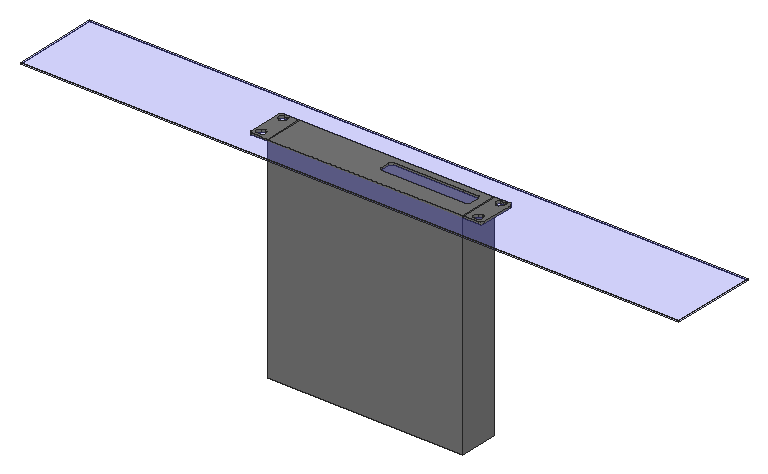
Revit family "QSC SPA2-60 Amplifier Front Facing Rackmount", category Generic Models, host Face, Revit 2014
Parameters (values of type "SPA2-60 @ 230VAC")
  Width = 8.663"  # constant formula
  Weight Product (lb) = 3.5  # constant formula
  Weight Product (kg) = 1.1  # constant formula
  Weight Dimensional (lb) = 6  # constant formula
  Weight Dimensional (kg) = 2.3  # constant formula
  Voltage AC = "100-240 at 50-60 Hz"  # constant formula
  URL = "http://qsc.com/products/Power_Amplifiers/Spa_Series/SPA2-60/"
  Sustainability Rating = "Energy Star"  # constant formula
  Show Right Ear Short [instance] = yes
  Show Right Ear Long [instance] = no
  Show Left Ear Short [instance] = yes
  Show Left Ear Long [instance] = no
  Regulatory Compliance = "UL, CE, RoHS/WEEE, FCC Class B"  # constant formula
  Product Page URL = "http://qsc.com/products/Power_Amplifiers/Spa_Series/SPA2-60/\r\n\r\n\r\n."
  Product Documentation Link = "http://qsc.com/files/8714/4192/0733/SPA_Series_Specsheet_English.pdf"
  Power Standby = 24  # constant formula
  Power Peak = 161
  Power Active = 138
  Model = "SPA2-60"
  Manufacturer URL = "http://www.qscaudio.com"
  Manufacturer = "QSC Audio Products, LLC"  # constant formula
  Height = 1.730"  # constant formula
  Heat Load Standby = 33  # constant formula
  Heat Load Active = 61  # constant formula
  Face Depth = 0.0788"
  Description = "2 Channel 60 Watt/Channel Amplfier"
  Depth = 9.48819"  # constant formula
  Default Elevation = 0.000"
  Current Draw = 0.7
  Enclosure Material [instance] = Dark Gray Finish
Types (4): name | Product Page URL | Power Peak | Power Active | Current Draw
  (no name) | "http://qsc.com/products/Power_Amplifiers/Spa_Series/SPA2-60/\r\n\r\n\r\n." | 161 | 138 | 0.7
  SPA2-60 @ 100VAC | "http://qsc.com/products/Power_Amplifiers/Spa_Series/SPA2-60/" | 150 | 90 | 1.5
  SPA2-60 @ 120VAC | "http://qsc.com/products/Power_Amplifiers/Spa_Series/SPA2-60/\r\n\r\n\r\n." | 180 | 84 | 1.5
  SPA2-60 @ 230VAC | "http://qsc.com/products/Power_Amplifiers/Spa_Series/SPA2-60/\r\n\r\n\r\n." | 161 | 138 | 0.7
Reference planes (in)
  plane 1 "Center (Front/Back)": y = 0
  plane 2: z = 0
  plane 3 "Center (Left/Right)": x = 0
  plane 4 "Left": x = -4.3315
  plane 5 "Right": x = 4.3315
  plane 6 "Top": y = 0.865
  plane 7 "Bottom": y = -0.865
  plane 8 "Back": z = -9.40939
  plane 9 "Right Extend Ear": x = 13.8135
  plane 10 "Left Extend Ear": x = -13.8135
  plane 11 "Left Short Ear": x = -5.1529
  plane 12 "Right Short Ear": x = 5.1529
  plane 13 "Front": z = 0.0788
Forms (in)
  Extrusion 1, solid, material "Glass"
    sketch origin (0, 0, 0) x (1, 0, 0) y (0, 1, 0)
      loop
        line (-14.5, 1.9685) -> (-14.5, -1.88975) -> (14.73031, -1.88975) -> (14.73031, 1.9685) -> (-14.5, 1.9685)
    from 0 to -0.079
  Extrusion 2, solid, material "Dark Gray Finish" <- "Enclosure Material"
    sketch origin (0, -0.865, 0) x (-1, 0, 0) y (0, 0, 1)
      loop
        line (4.3315, 0.0788) -> (-4.3315, 0.0788) -> (-4.3315, -9.40939) -> (4.3315, -9.40939) -> (4.3315, 0.0788)
    from 0 to 1.73 <- "Height"
  Extrusion 3, void
    sketch origin (0, 0, -9.40939) x (-1, 0, 0) y (0, -1, 0)
      loop
        line (-4.13103, -0.64625) -> (-3.52079, -0.64625) -> (-3.52079, -0.33317) -> (-4.13103, -0.33317) -> (-4.13103, -0.64625)
      loop
        line (-2.87118, -0.33317) -> (-3.48142, -0.33317) -> (-3.48142, -0.64625) -> (-2.87118, -0.64625) -> (-2.87118, -0.33317)
      loop
        line (-2.73547, -0.40133) -> (-2.73547, -0.63567) -> (-2.47484, -0.63567) -> (-2.47484, -0.40133) -> (-2.73547, -0.40133)
      loop
        line (-1.98744, -0.63567) -> (-1.98744, -0.40133) -> (-2.43547, -0.40133) -> (-2.43547, -0.63567) -> (-1.98744, -0.63567)
      loop
        line (-1.8585, -0.40133) -> (-1.8585, -0.63567) -> (-1.50417, -0.63567) -> (-1.50417, -0.40133) -> (-1.8585, -0.40133)
      loop
        line (-1.11047, -0.63567) -> (-1.11047, -0.40133) -> (-1.4648, -0.40133) -> (-1.4648, -0.63567) -> (-1.11047, -0.63567)
      loop
        line (2.83544, -0.39444) -> (3.58439, -0.39444)
        arc (3.58439, -0.39444) -> (3.66726, -0.36012) -> (3.70158, -0.27725) r 0.11719
        line (3.70158, -0.27725) -> (3.70158, 0.04564)
        arc (3.70158, 0.04564) -> (3.69563, 0.07554) -> (3.6787, 0.10088) r 0.07813
        line (3.6787, 0.10088) -> (3.52761, 0.25197)
        arc (3.52761, 0.25197) -> (3.50227, 0.26891) -> (3.47237, 0.27485) r 0.07813
        line (3.47237, 0.27485) -> (2.94654, 0.27485)
        arc (2.94654, 0.27485) -> (2.91664, 0.26891) -> (2.89129, 0.25197) r 0.07813
        line (2.89129, 0.25197) -> (2.74021, 0.10088)
        arc (2.74021, 0.10088) -> (2.72327, 0.07554) -> (2.71733, 0.04564) r 0.07813
        line (2.71733, 0.04564) -> (2.71733, -0.27633)
        arc (2.71733, -0.27633) -> (2.75192, -0.35985) -> (2.83544, -0.39444) r 0.11811
    from 0 to 0.19685
  Extrusion 4, void
    sketch origin (-16.617, -180, 0.0788) x (0, -1, 0) y (-1, 0, 0)
      loop
        line (-180.55192, -16.7645) -> (-180.55192, -20.46917)
        arc (-180.55192, -20.46917) -> (-180.50615, -20.57966) -> (-180.39567, -20.62542) r 0.15625
        line (-180.39567, -20.62542) -> (-180.03888, -20.62542)
        arc (-180.03888, -20.62542) -> (-179.92839, -20.57966) -> (-179.88263, -20.46917) r 0.15625
        line (-179.88263, -20.46917) -> (-179.88263, -16.7645)
        arc (-179.88263, -16.7645) -> (-179.92839, -16.65402) -> (-180.03888, -16.60825) r 0.15625
        line (-180.03888, -16.60825) -> (-180.39567, -16.60825)
        arc (-180.39567, -16.60825) -> (-180.50615, -16.65402) -> (-180.55192, -16.7645) r 0.15625
    from 0 to 0.079
  Extrusion 5, solid, material "Dark Gray Finish" <- "Enclosure Material", visible <- "Show Left Ear Short"
    sketch origin (0, 0, 0) x (1, 0, 0) y (0, 1, 0)
      loop
        arc (-5.02784, 0.865) -> (-5.11623, 0.82839) -> (-5.1529, 0.74) r 0.125
        line (-5.1529, 0.74) -> (-5.15284, -0.74)
        arc (-5.15284, -0.74) -> (-5.11623, -0.82839) -> (-5.02784, -0.865) r 0.125
        line (-5.02784, -0.865) -> (-4.3315, -0.865) -> (-4.3315, 0.865) -> (-5.02784, 0.865)
      loop
        line (-4.7552, 0.76559) -> (-4.893, 0.76559)
        arc (-4.893, 0.76559) -> (-5.0266, 0.64002) -> (-4.90953, 0.4989) r 0.13386
        arc (-4.90953, 0.4989) -> (-4.8241, 0.41343) -> (-4.73867, 0.4989) r 0.08543
        arc (-4.73867, 0.4989) -> (-4.6216, 0.64002) -> (-4.7552, 0.76559) r 0.13386
      loop
        arc (-4.7552, -0.75213) -> (-4.6216, -0.62655) -> (-4.73867, -0.48543) r 0.13386
        arc (-4.73867, -0.48543) -> (-4.8241, -0.39996) -> (-4.90953, -0.48543) r 0.08543
        arc (-4.90953, -0.48543) -> (-5.0266, -0.62655) -> (-4.893, -0.75213) r 0.13386
        line (-4.893, -0.75213) -> (-4.7552, -0.75213)
    from 0 to 0.0788 <- "Face Depth"
  Extrusion 6, solid, material "Dark Gray Finish" <- "Enclosure Material", visible <- "Show Right Ear Short"
    sketch origin (0, 0, 0) x (-1, 0, 0) y (0, -1, 0)
      loop
        line (-5.02784, -0.865) -> (-4.3315, -0.865) -> (-4.3315, 0.865) -> (-5.02784, 0.865)
        arc (-5.02784, 0.865) -> (-5.11623, 0.82839) -> (-5.15284, 0.74) r 0.125
        line (-5.15284, 0.74) -> (-5.1529, -0.74)
        arc (-5.1529, -0.74) -> (-5.11623, -0.82839) -> (-5.02784, -0.865) r 0.125
      loop
        arc (-4.7552, -0.76559) -> (-4.6216, -0.64002) -> (-4.73867, -0.4989) r 0.13386
        arc (-4.73867, -0.4989) -> (-4.8241, -0.41343) -> (-4.90953, -0.4989) r 0.08543
        arc (-4.90953, -0.4989) -> (-5.0266, -0.64002) -> (-4.893, -0.76559) r 0.13386
        line (-4.893, -0.76559) -> (-4.7552, -0.76559)
      loop
        line (-4.7552, 0.75213) -> (-4.893, 0.75213)
        arc (-4.893, 0.75213) -> (-5.0266, 0.62655) -> (-4.90953, 0.48543) r 0.13386
        arc (-4.90953, 0.48543) -> (-4.8241, 0.39996) -> (-4.73867, 0.48543) r 0.08543
        arc (-4.73867, 0.48543) -> (-4.6216, 0.62655) -> (-4.7552, 0.75213) r 0.13386
    from 0 to 0.0788 <- "Face Depth"
  Extrusion 7, solid, material "Dark Gray Finish" <- "Enclosure Material", visible <- "Show Right Ear Long"
    sketch origin (0, 0, 0) x (-1, 0, 0) y (0, -1, 0)
      loop
        arc (-13.55582, -0.49787) -> (-13.68968, -0.63173) -> (-13.55582, -0.76559) r 0.13386
        line (-13.55582, -0.76559) -> (-13.41803, -0.76559)
        arc (-13.41803, -0.76559) -> (-13.28417, -0.63173) -> (-13.41803, -0.49787) r 0.13386
        line (-13.41803, -0.49787) -> (-13.55582, -0.49787)
      loop
        arc (-13.55582, 0.75213) -> (-13.68968, 0.61827) -> (-13.55582, 0.48441) r 0.13386
        line (-13.55582, 0.48441) -> (-13.41803, 0.48441)
        arc (-13.41803, 0.48441) -> (-13.28417, 0.61827) -> (-13.41803, 0.75213) r 0.13386
        line (-13.41803, 0.75213) -> (-13.55582, 0.75213)
      loop
        line (-13.8135, 0.74) -> (-13.8135, -0.74)
        arc (-13.8135, -0.74) -> (-13.77689, -0.82839) -> (-13.6885, -0.865) r 0.125
        line (-13.6885, -0.865) -> (-4.3315, -0.865) -> (-4.3315, 0.865) -> (-13.6885, 0.865)
        arc (-13.6885, 0.865) -> (-13.77689, 0.82839) -> (-13.8135, 0.74) r 0.125
    from 0 to 0.0788 <- "Face Depth"
  Extrusion 8, solid, material "Dark Gray Finish" <- "Enclosure Material", visible <- "Show Left Ear Long"
    sketch origin (0, 0, 0) x (1, 0, 0) y (0, 1, 0)
      loop
        line (-13.55582, 0.49787) -> (-13.41803, 0.49787)
        arc (-13.41803, 0.49787) -> (-13.28417, 0.63173) -> (-13.41803, 0.76559) r 0.13386
        line (-13.41803, 0.76559) -> (-13.55582, 0.76559)
        arc (-13.55582, 0.76559) -> (-13.68968, 0.63173) -> (-13.55582, 0.49787) r 0.13386
      loop
        line (-13.55582, -0.75213) -> (-13.41803, -0.75213)
        arc (-13.41803, -0.75213) -> (-13.28417, -0.61827) -> (-13.41803, -0.48441) r 0.13386
        line (-13.41803, -0.48441) -> (-13.55582, -0.48441)
        arc (-13.55582, -0.48441) -> (-13.68968, -0.61827) -> (-13.55582, -0.75213) r 0.13386
      loop
        arc (-13.8135, -0.74) -> (-13.77689, -0.82839) -> (-13.6885, -0.865) r 0.125
        line (-13.6885, -0.865) -> (-4.3315, -0.865) -> (-4.3315, 0.865) -> (-13.6885, 0.865)
        arc (-13.6885, 0.865) -> (-13.77689, 0.82839) -> (-13.8135, 0.74) r 0.125
        line (-13.8135, 0.74) -> (-13.8135, -0.74)
    from 0 to 0.0788 <- "Face Depth"
Cuts and joins
  Extrusion 3, Extrusion 4 cuts Extrusion 2
Lines and regions (in)
  model lines, style "GenericModel", not visible, detail levels fine
    curve 1: line (13.55599, -1.01274, 0.03125) -> (13.46873, -0.89778, 0.03125)
    curve 2: line (13.46873, -0.89778, 0.03125) -> (13.55599, -1.01274, 0.03125)
    curve 3: line (13.15237, -0.99839, 0.03125) -> (13.18534, -0.8798, 0.03125)
    curve 4: line (13.18534, -0.8798, 0.03125) -> (13.15237, -0.99839, 0.03125)
    curve 5: line (13.20744, -1.07691, 0.03125) -> (13.18283, -0.85745, 0.03125)
    curve 6: line (13.18283, -0.85745, 0.03125) -> (13.20744, -1.07691, 0.03125)
    curve 7: line (13.67283, -0.92336, 0.03125) -> (13.75064, -0.98053, 0.03125)
    curve 8: line (13.75064, -0.98053, 0.03125) -> (13.67283, -0.92336, 0.03125)
    curve 25: line (-3.35339, 0.42119, 0) -> (-3.44988, 0.54832, 0)
    curve 26: line (-3.44988, 0.54832, 0) -> (-3.35339, 0.42119, 0)
    curve 27: line (-3.7997, 0.43707, 0) -> (-3.76325, 0.5682, 0)
    curve 28: line (-3.76325, 0.5682, 0) -> (-3.7997, 0.43707, 0)
    curve 29: line (-3.73881, 0.35024, 0) -> (-3.76602, 0.59291, 0)
    curve 30: line (-3.76602, 0.59291, 0) -> (-3.73881, 0.35024, 0)
    curve 31: line (-3.22419, 0.52002, 0) -> (-3.13815, 0.45681, 0)
    curve 32: line (-3.13815, 0.45681, 0) -> (-3.22419, 0.52002, 0)
    curve 45: line (-3.35339, 0.42119, 0.0788) -> (-3.44988, 0.54832, 0.0788)
    curve 46: line (-3.44988, 0.54832, 0.0788) -> (-3.35339, 0.42119, 0.0788)
    curve 47: line (-3.7997, 0.43707, 0.0788) -> (-3.76325, 0.5682, 0.0788)
    curve 48: line (-3.76325, 0.5682, 0.0788) -> (-3.7997, 0.43707, 0.0788)
    curve 49: line (-3.73881, 0.35024, 0.0788) -> (-3.76602, 0.59291, 0.0788)
    curve 50: line (-3.76602, 0.59291, 0.0788) -> (-3.73881, 0.35024, 0.0788)
    curve 51: line (-3.22419, 0.52002, 0.0788) -> (-3.13815, 0.45681, 0.0788)
    curve 52: line (-3.13815, 0.45681, 0.0788) -> (-3.22419, 0.52002, 0.0788)
  model lines, not visible
    curve 9: arc (-4.09496, -0.0625, 1.79211) -> (-3.79966, 0.2328, 1.79211) -> (-3.50436, -0.0625, 1.79211) r 0.2953
    curve 10: arc (-3.50436, -0.0625, 1.79211) -> (-3.79966, -0.3578, 1.79211) -> (-4.09496, -0.0625, 1.79211) r 0.2953
    curve 11: arc (2.90932, 0.1875, 1.79211) -> (3.51952, 0.7977, 1.79211) -> (4.12972, 0.1875, 1.79211) r 0.6102
    curve 12: arc (4.12972, 0.1875, 1.79211) -> (3.51952, -0.4227, 1.79211) -> (2.90932, 0.1875, 1.79211) r 0.6102
    curve 13: line (2.1373, 0.9632, 1.79211) -> (2.1373, -0.8138, 1.79211)
    curve 14: line (2.1373, -0.8138, 1.79211) -> (-0.6525, -0.8138, 1.79211)
    curve 15: line (-0.6525, -0.8138, 1.79211) -> (-0.6525, 0.9632, 1.79211)
    curve 16: line (-0.6525, 0.9632, 1.79211) -> (2.1373, 0.9632, 1.79211)
    curve 37: line (-0.04, 0.55192, 0) -> (3.97575, 0.55192, 0)
    curve 38: line (-0.04, -0.11737, 0) -> (-0.04, 0.55192, 0)
    curve 39: line (3.97575, -0.11737, 0) -> (-0.04, -0.11737, 0)
    curve 40: line (3.97575, 0.55192, 0) -> (3.97575, -0.11737, 0)
  model lines, style "GenericModel", detail levels fine
    curve 17: line (-3.29089, 0.35869, 0.0788) -> (-3.38738, 0.48582, 0.0788)
    curve 18: line (-3.38738, 0.48582, 0.0788) -> (-3.29089, 0.35869, 0.0788)
    curve 19: line (-3.7372, 0.37457, 0.0788) -> (-3.70075, 0.5057, 0.0788)
    curve 20: line (-3.70075, 0.5057, 0.0788) -> (-3.7372, 0.37457, 0.0788)
    curve 21: line (-3.67631, 0.28774, 0.0788) -> (-3.70352, 0.53041, 0.0788)
    curve 22: line (-3.70352, 0.53041, 0.0788) -> (-3.67631, 0.28774, 0.0788)
    curve 23: line (-3.16169, 0.45752, 0.0788) -> (-3.07565, 0.39431, 0.0788)
    curve 24: line (-3.07565, 0.39431, 0.0788) -> (-3.16169, 0.45752, 0.0788)
  model lines
    curve 33: line (0.1475, 0.55192, 0) -> (3.85217, 0.55192, 0)
    curve 34: line (-0.00875, 0.03888, 0) -> (-0.00875, 0.39567, 0)
    curve 35: line (3.85217, -0.11737, 0) -> (0.1475, -0.11737, 0)
    curve 36: line (4.00842, 0.39567, 0) -> (4.00842, 0.03888, 0)
    curve 41: arc (-0.00875, 0.39567, 0) -> (0.03701, 0.50615, 0) -> (0.1475, 0.55192, 0) r 0.15625
    curve 42: arc (-0.00875, 0.03888, 0) -> (0.03701, -0.07161, 0) -> (0.1475, -0.11737, 0) r 0.15625
    curve 43: arc (3.85217, -0.11737, 0) -> (3.96265, -0.07161, 0) -> (4.00842, 0.03888, 0) r 0.15625
    curve 44: arc (4.00842, 0.39567, 0) -> (3.96265, 0.50615, 0) -> (3.85217, 0.55192, 0) r 0.15625
Dimensions and locks (in)
  equal spacing: plane 6 "Top", plane 1 "Center (Front/Back)", plane 7 "Bottom"
  "Height": plane 6 "Top" to plane 7 "Bottom"
  equal spacing: plane 4 "Left", plane 3 "Center (Left/Right)", plane 5 "Right"
  "Width": plane 4 "Left" to plane 5 "Right"
  plane 4 "Left" to plane 5 "Right" = 8.663"
  plane 5 "Right" to plane 9 "Right Extend Ear" = 9.482"
  plane 10 "Left Extend Ear" to plane 4 "Left" = 9.482"
  plane 11 "Left Short Ear" to plane 4 "Left" = 0.8214"
  plane 5 "Right" to plane 12 "Right Short Ear" = 0.8214"
  "Face Depth": plane 13 "Front" to plane 2
  "Depth": plane 13 "Front" to plane 8 "Back"
  aligned and locked: plane 2 to Extrusion 1
  aligned and locked: level to Extrusion 1
  aligned and locked: plane 4 "Left" to Extrusion 2 sketch curve
  aligned and locked: plane 8 "Back" to Extrusion 2 sketch curve
  aligned and locked: Extrusion 2 sketch curve to plane 5 "Right"
  aligned and locked: Extrusion 2 sketch curve to plane 13 "Front"
  aligned and locked: Extrusion 5 sketch curve to plane 6 "Top"
  aligned and locked: plane 11 "Left Short Ear" to Extrusion 5 sketch curve
  aligned and locked: cut or joined group of Extrusion 2, Extrusion 3, Extrusion 4 to Extrusion 5 sketch curve
  aligned and locked: Extrusion 5 sketch curve to cut or joined group of Extrusion 2, Extrusion 3, Extrusion 4
  aligned and locked: cut or joined group of Extrusion 2, Extrusion 3, Extrusion 4 to Extrusion 7 sketch curve
  aligned and locked: plane 9 "Right Extend Ear" to Extrusion 7 sketch curve
  aligned and locked: Extrusion 7 sketch curve to plane 7 "Bottom"
  aligned and locked: Extrusion 7 sketch curve to plane 6 "Top"
Automatic sketch dimensions
  curve 34 to curve 34 = 0.35679"
  curve 35 to curve 35 = 3.70467"
  curve 36 to curve 36 = 0.35679"  (x2)
  curve 34 to curve 35 = 3.86408"
  curve 35 to curve 33 = 0.66929"
  curve 23 to curve 24 = 0.000"  (x4)
  curve 24 to curve 23 = 0.10677"
  curve 18 to curve 23 = 0.16267"
  curve 17 to curve 18 = 0.000"  (x5)
  curve 17 to curve 18 = 0.15959"
  curve 18 to curve 17 = 0.000"  (x3)
  curve 21 to curve 17 = 0.35031"
  curve 22 to curve 21 = 0.000"  (x4)
  curve 20 to curve 21 = 0.21933"
  curve 19 to curve 20 = 0.000"  (x4)
  curve 22 to curve 19 = 0.02487"
  curve 21 to curve 22 = 0.000"  (x4)
  curve 19 to curve 21 = 0.10605"
  curve 20 to curve 19 = 0.000"  (x2)
  curve 22 to curve 18 = 0.3919"
  curve 21 to curve 20 = 0.10605"
  curve 17 to curve 23 = 0.21817"
  curve 24 to curve 23 = 0.000"  (x4)
  curve 23 to curve 24 = 0.10677"
  curve 18 to curve 17 = 0.15959"
  curve 20 to curve 20 = 0.13611"
  curve 24 to curve 33 = 3.227"
  curve 22 to curve 33 = 3.83293"
  curve 38 to curve 39 = 4.01575"
  curve 39 to curve 37 = 0.66929"
  curve 31 to curve 32 = 0.000"  (x3)
  curve 32 to curve 31 = 0.08604"
  curve 26 to curve 31 = 0.1292"
  curve 25 to curve 26 = 0.000"  (x2)
  curve 25 to curve 26 = 0.09649"
  curve 26 to curve 25 = 0.000"  (x2)
  curve 29 to curve 25 = 0.28894"
  curve 30 to curve 29 = 0.000"  (x2)
  curve 28 to curve 29 = 0.02444"
  curve 27 to curve 28 = 0.000"  (x2)
  curve 30 to curve 27 = 0.00277"
  curve 29 to curve 30 = 0.000"  (x2)
  curve 27 to curve 29 = 0.06089"
  curve 28 to curve 27 = 0.000"
  curve 30 to curve 26 = 0.07095"
  curve 29 to curve 28 = 0.08683"
  curve 25 to curve 31 = 0.03562"
  curve 32 to curve 31 = 0.000"
  curve 31 to curve 32 = 0.06321"
  curve 26 to curve 25 = 0.12712"
  curve 28 to curve 28 = 0.13113"
  curve 32 to curve 37 = 3.09814"
  curve 30 to curve 37 = 0.20168"
  curve 23 to curve 23 = 0.08604"
  curve 23 to curve 18 = 0.1292"
  curve 17 to curve 17 = 0.09649"
  curve 17 to curve 22 = 0.28894"
  curve 21 to curve 20 = 0.02444"
  curve 19 to curve 21 = 0.00277"
  curve 21 to curve 20 = 0.06089"
  curve 21 to curve 20 = 0.02471"
  curve 19 to curve 18 = 0.01989"
  curve 17 to curve 23 = 0.02829"
  curve 24 to curve 23 = 0.06321"
  curve 17 to curve 18 = 0.12712"
  curve 19 to curve 21 = 0.08683"
  curve 51 to curve 52 = 0.000"
  curve 51 to curve 51 = 0.08604"
  curve 52 to curve 51 = 0.000"  (x3)
  curve 51 to curve 46 = 0.1292"
  curve 45 to curve 46 = 0.000"  (x3)
  curve 45 to curve 45 = 0.09649"
  curve 46 to curve 45 = 0.000"
  curve 45 to curve 50 = 0.28894"
  curve 49 to curve 50 = 0.000"  (x2)
  curve 49 to curve 48 = 0.02444"
  curve 47 to curve 48 = 0.000"  (x2)
  curve 47 to curve 49 = 0.00277"
  curve 50 to curve 49 = 0.000"  (x2)
  curve 49 to curve 48 = 0.06089"
  curve 49 to curve 48 = 0.02471"
  curve 47 to curve 46 = 0.01989"
  curve 45 to curve 51 = 0.02829"
  curve 52 to curve 51 = 0.06321"
  curve 48 to curve 47 = 0.000"
  curve 45 to curve 46 = 0.12712"
  curve 47 to curve 49 = 0.08683"
  curve 34 to plane 3 "Center (Left/Right)" = 0.00875"
  plane 3 "Center (Left/Right)" to curve 35 = 0.1475"
  plane 3 "Center (Left/Right)" to curve 41 = 0.1475"
  curve 44 to plane 5 "Right" = 0.47933"
  plane 1 "Center (Front/Back)" to curve 35 = 0.11737"
  curve 35 to plane 5 "Right" = 0.47933"
  curve 44 to curve 36 = 0.15625"
  Extrusion 1 sketch curve to Extrusion 1 sketch curve = 29.23031"
  Extrusion 1 sketch curve to Extrusion 1 sketch curve = 3.85825"
  Extrusion 3 sketch curve to plane 5 "Right" = 0.20047"
  Extrusion 3 sketch curve to plane 6 "Top" = 0.21875"  (x2)
  Extrusion 3 sketch curve to Extrusion 3 sketch curve = 0.61024"  (x2)
  Extrusion 3 sketch curve to Extrusion 3 sketch curve = 0.03937"  (x3)
  Extrusion 3 sketch curve to Extrusion 3 sketch curve = 0.13571"
  Extrusion 3 sketch curve to Extrusion 3 sketch curve = 0.12894"
  Extrusion 3 sketch curve to Extrusion 3 sketch curve = 0.35433"  (x2)
  Extrusion 3 sketch curve to plane 1 "Center (Front/Back)" = 0.27633"
  plane 4 "Left" to Extrusion 3 sketch curve = 1.61417"
  plane 1 "Center (Front/Back)" to Extrusion 3 sketch curve = 0.10088"  (x2)
  Extrusion 3 sketch curve to Extrusion 3 sketch curve = 0.02288"
  plane 1 "Center (Front/Back)" to Extrusion 3 sketch curve = 0.04564"  (x2)
  Extrusion 3 sketch curve to Extrusion 3 sketch curve = 0.11811"
  plane 1 "Center (Front/Back)" to Extrusion 3 sketch curve = 0.25197"  (x2)
  Extrusion 3 sketch curve to Extrusion 3 sketch curve = 0.15109"  (x2)
  Extrusion 3 sketch curve to Extrusion 3 sketch curve = 0.05524"  (x4)
  Extrusion 3 sketch curve to Extrusion 3 sketch curve = 0.52583"
  Extrusion 3 sketch curve to Extrusion 3 sketch curve = 0.11202"
  Extrusion 3 sketch curve to plane 6 "Top" = 0.22933"  (x2)
  Extrusion 3 sketch curve to Extrusion 3 sketch curve = 0.000"  (x4)
  Extrusion 3 sketch curve to Extrusion 3 sketch curve = 0.23434"  (x3)
  Extrusion 3 sketch curve to Extrusion 3 sketch curve = 0.31308"
  Extrusion 4 sketch curve to plane 6 "Top" = 0.31308"
  Extrusion 4 sketch curve to Extrusion 4 sketch curve = 0.15625"  (x2)
  Extrusion 4 sketch curve to plane 1 "Center (Front/Back)" = 0.03888"  (x2)
  plane 1 "Center (Front/Back)" to Extrusion 4 sketch curve = 0.11737"
  Extrusion 4 sketch curve to plane 3 "Center (Left/Right)" = 0.00875"
  Extrusion 4 sketch curve to plane 5 "Right" = 0.47933"
  plane 11 "Left Short Ear" to Extrusion 5 sketch curve = 0.12506"  (x2)
  Extrusion 5 sketch curve to Extrusion 5 sketch curve = 0.13484"  (x2)
  Extrusion 5 sketch curve to Extrusion 5 sketch curve = 0.0689"  (x2)
  Extrusion 5 sketch curve to Extrusion 5 sketch curve = 0.1378"  (x2)
  plane 7 "Bottom" to Extrusion 5 sketch curve = 0.11287"
  plane 7 "Bottom" to Extrusion 5 sketch curve = 0.125"
  Extrusion 5 sketch curve to Extrusion 5 sketch curve = 0.13386"  (x2)
  Extrusion 5 sketch curve to Extrusion 5 sketch curve = 0.13287"  (x2)
  Extrusion 5 sketch curve to plane 6 "Top" = 0.36614"
  Extrusion 5 sketch curve to Extrusion 5 sketch curve = 0.000"  (x3)
  Extrusion 5 sketch curve to Extrusion 5 sketch curve = 0.125"
  Extrusion 5 sketch curve to plane 6 "Top" = 0.09941"
  Extrusion 5 sketch curve to Extrusion 5 sketch curve = 0.08543"  (x2)
  Extrusion 6 sketch curve to plane 12 "Right Short Ear" = 0.000"
  Extrusion 6 sketch curve to plane 7 "Bottom" = 0.000"
  Extrusion 6 sketch curve to plane 6 "Top" = 0.000"
  Extrusion 6 sketch curve to plane 5 "Right" = 0.000"
  plane 12 "Right Short Ear" to Extrusion 6 sketch curve = 0.12506"  (x2)
  Extrusion 6 sketch curve to Extrusion 6 sketch curve = 0.13484"  (x2)
  Extrusion 6 sketch curve to Extrusion 6 sketch curve = 0.0689"  (x2)
  Extrusion 6 sketch curve to Extrusion 6 sketch curve = 0.1378"  (x2)
  Extrusion 6 sketch curve to plane 7 "Bottom" = 0.11287"
  Extrusion 6 sketch curve to Extrusion 6 sketch curve = 0.125"
  Extrusion 6 sketch curve to Extrusion 6 sketch curve = 0.13386"  (x2)
  Extrusion 6 sketch curve to Extrusion 6 sketch curve = 0.13287"  (x2)
  plane 6 "Top" to Extrusion 6 sketch curve = 0.36614"
  Extrusion 6 sketch curve to Extrusion 6 sketch curve = 0.000"  (x3)
  plane 6 "Top" to Extrusion 6 sketch curve = 0.125"
  plane 6 "Top" to Extrusion 6 sketch curve = 0.09941"
  Extrusion 6 sketch curve to Extrusion 6 sketch curve = 0.08543"  (x2)
  plane 9 "Right Extend Ear" to Extrusion 7 sketch curve = 0.125"
  Extrusion 7 sketch curve to Extrusion 7 sketch curve = 0.125"
  Extrusion 7 sketch curve to Extrusion 7 sketch curve = 0.13268"  (x2)
  Extrusion 7 sketch curve to Extrusion 7 sketch curve = 0.1378"  (x2)
  Extrusion 7 sketch curve to plane 7 "Bottom" = 0.11287"
  Extrusion 7 sketch curve to Extrusion 7 sketch curve = 0.13386"  (x2)
  Extrusion 7 sketch curve to Extrusion 7 sketch curve = 0.24213"
  Extrusion 8 sketch curve to plane 10 "Left Extend Ear" = 0.000"
  Extrusion 8 sketch curve to plane 6 "Top" = 0.000"
  Extrusion 8 sketch curve to plane 7 "Bottom" = 0.000"
  Extrusion 8 sketch curve to plane 4 "Left" = 0.000"
  plane 10 "Left Extend Ear" to Extrusion 8 sketch curve = 0.125"
  Extrusion 8 sketch curve to Extrusion 8 sketch curve = 0.125"
  Extrusion 8 sketch curve to Extrusion 8 sketch curve = 0.13268"  (x2)
  Extrusion 8 sketch curve to Extrusion 8 sketch curve = 0.1378"  (x2)
  plane 7 "Bottom" to Extrusion 8 sketch curve = 0.11287"
  Extrusion 8 sketch curve to Extrusion 8 sketch curve = 0.13386"  (x2)
  Extrusion 8 sketch curve to Extrusion 8 sketch curve = 0.24213"
  Extrusion 3 sketch curve to Extrusion 3 sketch curve = 0.26063"
  Extrusion 3 sketch curve to Extrusion 3 sketch curve = 0.44803"
Connectors (in)
  electrical at (-3.20953, -0.00035, -9.21254)
    settings: on cut or joined group of Extrusion 2, Extrusion 3, Extrusion 4, index 1, voltage 0 V, apparent load 0 VA, apparent load phase1 0 VA, apparent load phase2 0 VA, apparent load phase3 0 VA, power factor 1, load classification "Other", number of poles 1, system type 31, power factor state 1, is connector primary yes, connector utility no, sub classification motor no, connector description ""
  electrical at (1.28764, 0.5185, -9.21254)
    settings: on cut or joined group of Extrusion 2, Extrusion 3, Extrusion 4, index 2, voltage 0 V, apparent load 0 VA, apparent load phase1 0 VA, apparent load phase2 0 VA, apparent load phase3 0 VA, power factor 1, load classification "Other", number of poles 1, system type 14, power factor state 1, is connector primary no, connector utility no, sub classification motor no, connector description "Input 2"
  electrical at (1.68134, 0.5185, -9.21254)
    settings: on cut or joined group of Extrusion 2, Extrusion 3, Extrusion 4, index 3, voltage 0 V, apparent load 0 VA, apparent load phase1 0 VA, apparent load phase2 0 VA, apparent load phase3 0 VA, power factor 1, load classification "Other", number of poles 1, system type 14, power factor state 1, is connector primary no, connector utility no, sub classification motor no, connector description "Input 1"
  electrical at (2.21146, 0.5185, -9.21254)
    settings: on cut or joined group of Extrusion 2, Extrusion 3, Extrusion 4, index 4, voltage 0 V, apparent load 0 VA, apparent load phase1 0 VA, apparent load phase2 0 VA, apparent load phase3 0 VA, power factor 1, load classification "Other", number of poles 1, system type 14, power factor state 1, is connector primary no, connector utility no, sub classification motor no, connector description "Volume Control"
  electrical at (2.60516, 0.5185, -9.21254)
    settings: on cut or joined group of Extrusion 2, Extrusion 3, Extrusion 4, index 5, voltage 0 V, apparent load 0 VA, apparent load phase1 0 VA, apparent load phase2 0 VA, apparent load phase3 0 VA, power factor 1, load classification "Other", number of poles 1, system type 14, power factor state 1, is connector primary no, connector utility no, sub classification motor no, connector description "Ch 1&2 Standby Control"
  electrical at (3.1763, 0.48971, -9.21254)
    settings: on cut or joined group of Extrusion 2, Extrusion 3, Extrusion 4, index 6, voltage 0 V, apparent load 0 VA, apparent load phase1 0 VA, apparent load phase2 0 VA, apparent load phase3 0 VA, power factor 1, load classification "Other", number of poles 1, system type 14, power factor state 1, is connector primary no, connector utility no, sub classification motor no, connector description "Output 2"
  electrical at (3.82591, 0.48971, -9.21254)
    settings: on cut or joined group of Extrusion 2, Extrusion 3, Extrusion 4, index 7, voltage 0 V, apparent load 0 VA, apparent load phase1 0 VA, apparent load phase2 0 VA, apparent load phase3 0 VA, power factor 1, load classification "Other", number of poles 1, system type 14, power factor state 1, is connector primary no, connector utility no, sub classification motor no, connector description "Output 1"
